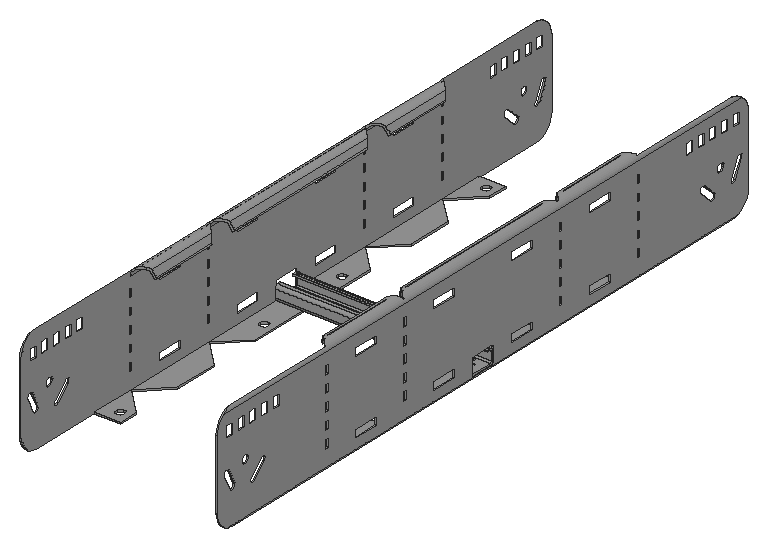
Revit family "Multifunktionsverbinder", category Generic Models, Revit 2017
Family settings
  Can host rebar = No
  Round Connector Dimension = Use Diameter
  Part Type = Normal
  Work Plane-Based = No
  Always vertical = Yes
  Cut with Voids When Loaded = No
  Shared = No
  Room Calculation Point = No
Parameters (values of type "LMFV 1120 FT")
  Width 1 = 200 mm
  Width = 1.5 mm
  URL = "http://www.obo-bettermann.com"
  Material = Hot-dip galvanised
  Manufacturer Art.No. = "6225770"
  Manufacturer = "Obo Bettermann"
  Length 1 = 340 mm
  Length = 680 mm
  GTIN = "4012196443390"
  Cut's number 2 = 5
  Cut's number = 2
  Article Type = "LMFV 1120 FT"
Reference planes
  plane 1 "Center (Front/Back)": y = 0
  plane 2: z = 7.018
  plane 3 "Center (Left/Right)": x = 0
  plane 4: y = 14.97
  plane 5: z = 22.002
  plane 6: x = 200
  plane 7: y = 14.987
  plane 8: z = 112.002
  plane 9: z = 107.502
  plane 10: x = 11.988
  plane 11: x = 6
  plane 12: through (-1.597, -1524, 150.455) normal (0.9397, 0, 0.342)
  plane 13: x = 100
  plane 14: z = 113.018
  plane 15: x = 188
  plane 16: through (200, -1524, 148.018) normal (0.9397, 0, -0.342)
  plane 17: z = 108.077
  plane 18: z = 107.506
  plane 19: x = 217.548
  plane 20: y = -232.013
  plane 21: y = -232.013
  plane 22: y = -185.013
  plane 23: y = -85.013
  plane 24: through (0, -85.013, 1207.018) normal (0.7071, 0.7071, 0)
  plane 25: through (201.5, -185.013, 1207.018) normal (-0.7071, -0.7071, 0)
  plane 26: through (183.873, -167.386, 1207.018) normal (-0.7071, -0.7071, 0)
  plane 27: y = -85.013
  plane 28: through (0, -85.013, 1207.018) normal (0.7071, 0.7071, 0)
  plane 29: through (0, -85.013, 1207.018) normal (-0.7071, 0.7071, 0)
  plane 30: y = -85.03
  plane 31: through (201.5, -85.03, 1207.018) normal (0.7071, -0.7071, 0)
  plane 32: through (201.5, -85.03, 1207.018) normal (-0.7071, -0.7071, 0)
  plane 33: y = -85
  plane 34: through (0, 115, 1207.018) normal (-0.7071, 0.7071, 0)
  plane 35: through (0, 115, 1207.018) normal (0.7071, 0.7071, 0)
  plane 36: through (200, -85, 1207.018) normal (-0.7071, -0.7071, 0)
  plane 37: through (183.873, -101.127, 1207.018) normal (-0.7071, 0.7071, 0)
  plane 38: through (200, 114.987, 1207.018) normal (-0.7071, -0.7071, 0)
  plane 39: through (200, 114.987, 1207.018) normal (0.7071, -0.7071, 0)
  plane 40: y = 215
  plane 41: through (0, 215, 1207.018) normal (0.7071, 0.7071, 0)
  plane 42: y = 354.987
  plane 43: through (200, 215, 1207.018) normal (0.7071, -0.7071, 0)
  plane 44: y = 261.987
  plane 45: through (0, -185.14, 1207.018) normal (-0.7071, 0.7071, 0)
  plane 46: through (0, -185.14, 1207.018) normal (0.7071, 0.7071, 0)
  plane 47: through (200.016, -185.038, 1207.018) normal (-0.7071, -0.7071, 0)
  plane 48: through (200.016, -185.038, 1207.018) normal (0.7071, -0.7071, 0)
  plane 49: through (0, -85.013, 1207.018) normal (-0.7071, 0.7071, 0)
  plane 50: through (26.105, -111.119, 1207.018) normal (-0.7071, -0.7071, 0)
  plane 51: through (200, -85, 1207.018) normal (0.7071, -0.7071, 0)
  plane 52: through (200, -85, 1207.018) normal (-0.7071, -0.7071, 0)
  plane 53: through (0, 215, 1207.018) normal (0.7071, 0.7071, 0)
  plane 54: through (0, 215, 1207.018) normal (-0.7071, 0.7071, 0)
  plane 55: through (200, 215, 1207.018) normal (0.7071, -0.7071, 0)
  plane 56: through (200, 215, 1207.018) normal (-0.7071, -0.7071, 0)
  plane 57: y = 339.987
  plane 58: z = 96.118
  plane 59: z = 101.077
  plane 60: y = -310.013
  plane 61: z = 95.657
  plane 62: y = -310.013
  plane 63: z = 95.657
  plane 64: y = -295.013
  plane 65: z = 95.657
  plane 66: y = -280.013
  plane 67: z = 95.657
  plane 68: y = -265.013
  plane 69: z = 95.657
  plane 70: y = -250.013
  plane 71: z = 98.768
  plane 72: z = 96.118
  plane 73: z = 98.768
  plane 74: z = 81.737
  plane 75: z = 96.077
  plane 76: z = 91.118
  plane 77: z = 96.118
  plane 78: y = -135
  plane 79: x = 183.018
  plane 80: y = 249.487
  plane 81: y = -219.513
  plane 82: y = -35.013
  plane 83: y = 64.987
  plane 84: x = 183.873
  plane 85: x = 183.018
  plane 86: z = 60.018
  plane 87: y = 319.487
  plane 88: z = 60.018
  plane 89: y = -289.513
  plane 90: y = -289.513
  plane 91: through (0, -289.513, 59.81) normal (0, -0.9397, -0.342)
  plane 92: through (0, -289.513, 59.81) normal (0, -0.342, -0.9397)
  plane 93: through (0, -275.105, 39.469) normal (0, -0.5, 0.866)
  plane 94: through (0, -263.818, 57.728) normal (0, -0.9397, 0.342)
  plane 95: through (0, -289.513, 59.81) normal (0, -0.766, 0.6428)
  plane 96: y = -289.513
  plane 97: through (0, -289.513, 59.81) normal (0, -0.766, 0.6428)
  plane 98: through (0, -309.234, 44.559) normal (0, -0.7071, -0.7071)
  plane 99: y = -314.513
  plane 100: y = 319.487
  plane 101: through (4267.2, 319.487, 59.81) normal (0, 0.9397, -0.342)
  plane 102: through (4267.2, 319.487, 59.81) normal (0, 0.342, -0.9397)
  plane 103: through (4267.2, 307.718, 37.697) normal (0, 0.342, 0.9397)
  plane 104: through (4267.2, 294.832, 54.871) normal (0, 0.9397, 0.342)
  plane 105: y = 319.487
  plane 106: z = 60.018
  plane 107: through (4267.2, 319.487, 59.81) normal (0, 0.766, 0.6428)
  plane 108: y = 344.487
  plane 109: through (4267.2, 337.335, 42.686) normal (0, 0.7071, -0.7071)
  plane 110: x = 17.23
  plane 111: y = -219.013
  plane 112: y = -35.013
  plane 113: x = 17.23
  plane 114: y = 64.987
  plane 115: x = 17.23
  plane 116: y = 249.987
  plane 117: x = 17.23
  plane 118: x = 11
  plane 119: x = 189
  plane 120 "72.9": x = 96.371
  plane 121: x = 106.371
  plane 122: x = 86.371
  plane 123: x = 66.371
  plane 124: x = 46.371
  plane 125: x = 126.371
  plane 126: x = 146.371
Forms (mm)
  Extrusion 1, solid, material "Hot-dip galvanised" <- "Material"
    sketch origin (-2.156, -325.03, 0) x (0, 1, 0) y (0, 0, 1)
      loop
        arc (328, 8.518) -> (326.939, 8.957) -> (326.5, 10.018) r 1.5
        line (326.5, 10.018) -> (326.5, 19.002)
        arc (326.5, 19.002) -> (326.939, 20.062) -> (328, 20.502) r 1.5
        line (328, 20.502) -> (331.515, 20.502) -> (331.515, 22.002) -> (328, 22.002)
        arc (328, 22.002) -> (325.879, 21.123) -> (325, 19.002) r 3
        line (325, 19.002) -> (325, 10.018)
        arc (325, 10.018) -> (325.879, 7.897) -> (328, 7.018) r 3
        line (328, 7.018) -> (352, 7.018)
        arc (352, 7.018) -> (354.121, 7.897) -> (355, 10.018) r 3
        line (355, 10.018) -> (355, 19.002)
        arc (355, 19.002) -> (354.121, 21.123) -> (352, 22.002) r 3
        line (352, 22.002) -> (348.509, 22.002) -> (348.509, 20.502) -> (352, 20.502)
        arc (352, 20.502) -> (353.061, 20.062) -> (353.5, 19.002) r 1.5
        line (353.5, 19.002) -> (353.5, 10.018)
        arc (353.5, 10.018) -> (353.061, 8.957) -> (352, 8.518) r 1.5
        line (352, 8.518) -> (328, 8.518)
    from 2.156 to 202.156
  Extrusion 2, solid, material "Hot-dip galvanised" <- "Material"
    sketch origin (0, 0, 0) x (1, 0, 0) y (0, 0, 1)
      loop
        line (27.23, 7.034) -> (0, 7.034) -> (0, 112.034)
        arc (0, 112.034) -> (4.426, 117.871) -> (11.241, 115.183) r 6.061
        line (11.241, 115.183) -> (14.022, 107.541) -> (15.288, 108.001) -> (14.876, 109.132) -> (12.389, 115.965)
        arc (12.389, 115.965) -> (3.949, 119.224) -> (-1.5, 112.002) r 7.51
        line (-1.5, 112.002) -> (-1.5, 7.018) -> (-1.5, 5.518) -> (27.23, 5.518) -> (27.23, 7.034)
    from -354.987 to 325.013
  Extrusion 3, solid, material "Hot-dip galvanised" <- "Material"
    sketch origin (0, 0, 0) x (1, 0, 0) y (0, 0, 1)
      loop
        line (200, 7.018) -> (173.018, 7.018) -> (173.018, 5.518) -> (200, 5.518) -> (201.5, 5.518) -> (201.5, 7.018) -> (201.5, 112.577)
        arc (201.5, 112.577) -> (196.474, 119.658) -> (188.132, 117.249) r 7.5
        line (188.132, 117.249) -> (183.873, 108.224) -> (185.23, 107.583) -> (189.41, 116.442)
        arc (189.41, 116.442) -> (196.057, 118.214) -> (200, 112.577) r 6
        line (200, 112.577) -> (200, 7.018)
    from -354.987 to 325.013
  Extrusion 4, void
    sketch origin (0, 0, 0) x (0, 1, 0) y (0, 0, 1)
      loop
        arc (0.987, 9.358) -> (1.458, 7.911) -> (2.692, 7.018) r 2.459
        line (2.692, 7.018) -> (27.005, 7.034)
        arc (27.005, 7.034) -> (28.419, 7.62) -> (29.005, 9.034) r 2
        line (29.005, 9.034) -> (29.005, 23.936)
        arc (29.005, 23.936) -> (28.419, 25.35) -> (27.005, 25.936) r 2
        line (27.005, 25.936) -> (2.987, 25.936)
        arc (2.987, 25.936) -> (1.573, 25.35) -> (0.987, 23.936) r 2
        line (0.987, 23.936) -> (0.987, 9.358)
    from -1.5 to 0
  Extrusion 5, void
    sketch origin (0, 0, 0) x (0, 1, 0) y (0, 0, 1)
      loop
        line (14.996, 25.936) -> (2.987, 25.936)
        arc (2.987, 25.936) -> (1.573, 25.35) -> (0.987, 23.936) r 2
        line (0.987, 23.936) -> (0.987, 9.018)
        arc (0.987, 9.018) -> (1.573, 7.604) -> (2.987, 7.018) r 2
        line (2.987, 7.018) -> (27.005, 7.018)
        arc (27.005, 7.018) -> (28.419, 7.604) -> (29.005, 9.018) r 2
        line (29.005, 9.018) -> (29.005, 23.936)
        arc (29.005, 23.936) -> (28.419, 25.35) -> (27.005, 25.936) r 2
        line (27.005, 25.936) -> (14.996, 25.936)
    from 200 to 201.5
  Extrusion 6, void
    sketch origin (0, 0, 7.018) x (1, 0, 0) y (0, 1, 0)
      loop
        line (27.23, -325.013) -> (27.23, -232.013) -> (0, -232.013) -> (0, -325.013) -> (27.23, -325.013)
    from -1.5 to 0.016
  Extrusion 7, void
    sketch origin (0, 0, 7.018) x (1, 0, 0) y (0, 1, 0)
      loop
        line (200, -325.013) -> (200, -232.013) -> (173.018, -232.013) -> (173.018, -325.013) -> (200, -325.013)
    from -1.5 to 0
  Extrusion 8, void
    sketch origin (0, 0, 7.018) x (1, 0, 0) y (0, 1, 0)
      loop
        line (15.288, -325.013) -> (15.288, -169.852) -> (0, -185.14) -> (0, -325.013) -> (15.288, -325.013)
    from 100.523 to 114.267
  Extrusion 9, void
    sketch origin (0, 0, 7.018) x (1, 0, 0) y (0, 1, 0)
      loop
        line (183.873, -325.013) -> (200, -325.013) -> (200, -185.022) -> (183.873, -168.895) -> (183.873, -325.013)
    from 100.565 to 114.162
  Extrusion 10, void
    sketch origin (0, 0, 7.018) x (1, 0, 0) y (0, 1, 0)
      loop
        line (0, -85.013) -> (15.288, -100.301) -> (15.288, -69.725) -> (0, -85.013)
    from 100.523 to 114.267
  Extrusion 11, void
    sketch origin (0, 0, 7.018) x (1, 0, 0) y (0, 1, 0)
      loop
        line (200, -85) -> (183.873, -68.873) -> (183.873, -101.127) -> (200, -85)
    from 100.565 to 114.162
  Extrusion 12, void
    sketch origin (0, 0, 7.018) x (1, 0, 0) y (0, 1, 0)
      loop
        line (15.288, 130.288) -> (0, 115) -> (15.288, 99.712) -> (15.288, 130.288)
    from 100.523 to 113.23
  Extrusion 13, void
    sketch origin (0, 0, 7.018) x (1, 0, 0) y (0, 1, 0)
      loop
        line (183.873, 131.114) -> (183.873, 98.86) -> (200, 114.987) -> (183.873, 131.114)
    from 99.913 to 113.236
  Extrusion 14, void
    sketch origin (0, 0, 7.018) x (1, 0, 0) y (0, 1, 0)
      loop
        line (0, 215) -> (15.288, 199.712) -> (15.288, 354.987) -> (0, 354.987) -> (0, 215)
    from 98.921 to 114.645
  Extrusion 15, void
    sketch origin (0, 0, 7.018) x (1, 0, 0) y (0, 1, 0)
      loop
        line (200, 215) -> (200, 354.987) -> (183.873, 354.987) -> (183.873, 198.873) -> (200, 215)
    from 97.047 to 116.428
  Extrusion 16, void
    sketch origin (0, 0, 7.018) x (1, 0, 0) y (0, 1, 0)
      loop
        line (27.23, 354.987) -> (0, 354.987) -> (0, 261.987) -> (27.23, 261.987) -> (27.23, 354.987)
    from -1.5 to 0.016
  Extrusion 17, void
    sketch origin (0, 0, 7.018) x (1, 0, 0) y (0, 1, 0)
      loop
        line (200, 354.987) -> (173.018, 354.987) -> (173.018, 261.987) -> (200, 261.987) -> (200, 354.987)
    from -1.5 to 0
  Extrusion 18, void
    sketch origin (0, 0, 7.018) x (1, 0, 0) y (0, 1, 0)
      loop
        line (0, -185.14) -> (27.23, -212.37) -> (27.23, -157.91) -> (0, -185.14)
    from -1.5 to 0.016
  Extrusion 19, void
    sketch origin (0, 0, 7.018) x (1, 0, 0) y (0, 1, 0)
      loop
        line (200.016, -185.038) -> (173.018, -158.04) -> (173.018, -212.036) -> (200.016, -185.038)
    from -1.5 to 0
  Extrusion 20, void
    sketch origin (0, 0, 7.018) x (1, 0, 0) y (0, 1, 0)
      loop
        line (27.23, -57.783) -> (0, -85.013) -> (27.23, -112.243) -> (27.23, -57.783)
    from -1.5 to 0.016
  Extrusion 21, void
    sketch origin (0, 0, 7.018) x (1, 0, 0) y (0, 1, 0)
      loop
        line (200, -85) -> (173.018, -58.018) -> (173.018, -111.982) -> (200, -85)
    from -1.5 to 0
  Extrusion 22, void
    sketch origin (0, 0, 7.018) x (1, 0, 0) y (0, 1, 0)
      loop
        line (0, 115) -> (27.23, 87.77) -> (27.23, 142.23) -> (0, 115)
    from -1.5 to 0
  Extrusion 23, void
    sketch origin (0, 0, 7.018) x (1, 0, 0) y (0, 1, 0)
      loop
        line (200, 114.987) -> (173.018, 141.969) -> (173.018, 88.005) -> (200, 114.987)
    from -1.5 to 0
  Extrusion 24, void
    sketch origin (0, 0, 7.018) x (1, 0, 0) y (0, 1, 0)
      loop
        line (0, 215) -> (27.23, 187.77) -> (27.23, 242.23) -> (0, 215)
    from -1.5 to 0.016
  Extrusion 25, void
    sketch origin (0, 0, 7.018) x (1, 0, 0) y (0, 1, 0)
      loop
        line (200, 215) -> (173.018, 241.982) -> (173.018, 188.018) -> (200, 215)
    from -1.5 to 0
  Extrusion 26, void
    sketch origin (0, 0, 0) x (0, 1, 0) y (0, 0, 1)
      loop
        line (-305.013, 117.077) -> (-325.013, 117.077) -> (-325.013, 97.077)
        arc (-325.013, 97.077) -> (-319.155, 111.22) -> (-305.013, 117.077) r 20
    from 196.952 to 204.894
  Extrusion 27, void
    sketch origin (0, 0, 0) x (0, 1, 0) y (0, 0, 1)
      loop
        line (-325.013, 25.518) -> (-325.013, 5.518) -> (-305.013, 5.518)
        arc (-305.013, 5.518) -> (-319.155, 11.376) -> (-325.013, 25.518) r 20
    from 200 to 201.5
  Extrusion 28, void
    sketch origin (0, 0, 0) x (0, 1, 0) y (0, 0, 1)
      loop
        arc (334.987, 117.077) -> (349.129, 111.22) -> (354.987, 97.077) r 20
        line (354.987, 97.077) -> (354.987, 117.077) -> (334.987, 117.077)
    from 182.339 to 204.894
  Extrusion 29, void
    sketch origin (0, 0, 0) x (0, 1, 0) y (0, 0, 1)
      loop
        line (334.987, 5.518) -> (354.987, 5.518) -> (354.987, 25.518)
        arc (354.987, 25.518) -> (349.129, 11.376) -> (334.987, 5.518) r 20
    from 196.952 to 204.894
  Extrusion 30, void
    sketch origin (0, 0, 0) x (0, 1, 0) y (0, 0, 1)
      loop
        line (354.987, 96.505) -> (354.987, 116.505) -> (334.987, 116.505)
        arc (334.987, 116.505) -> (349.129, 110.647) -> (354.987, 96.505) r 20
    from -1.5 to 2.422
  Extrusion 31, void
    sketch origin (0, 0, 0) x (0, 1, 0) y (0, 0, 1)
      loop
        line (334.987, 5.518) -> (354.987, 5.518) -> (354.987, 25.518)
        arc (354.987, 25.518) -> (349.129, 11.376) -> (334.987, 5.518) r 20
    from -1.5 to 0
  Extrusion 32, void
    sketch origin (0, 0, 0) x (0, 1, 0) y (0, 0, 1)
      loop
        line (-305.013, 116.505) -> (-325.013, 116.505) -> (-325.013, 96.505)
        arc (-325.013, 96.505) -> (-319.155, 110.647) -> (-305.013, 116.505) r 20
    from -4.098 to 15.288
  Extrusion 33, void
    sketch origin (0, 0, 0) x (0, 1, 0) y (0, 0, 1)
      loop
        line (-325.013, 25.518) -> (-325.013, 5.518) -> (-305.013, 5.518)
        arc (-305.013, 5.518) -> (-319.155, 11.376) -> (-325.013, 25.518) r 20
    from -1.5 to 0
  Extrusion 34, void, not visible
    sketch origin (0, 0, 0) x (0, 1, 0) y (0, 0, 1)
      loop
        line (-314.513, 107.077) -> (-314.513, 95.077) -> (-305.513, 95.077) -> (-305.513, 107.077) -> (-314.513, 107.077)
    from 182.339 to 204.894
  Extrusion 35, void
    sketch origin (0, 0, -5.42) x (0, 1, 0) y (0, 0, 1)
      loop
        line (-314.513, 107.077) -> (-314.513, 95.077) -> (-305.513, 95.077) -> (-305.513, 107.077) -> (-314.513, 107.077)
    from 182.339 to 204.894
  Extrusion 36, void
    sketch origin (0, 15, -5.42) x (0, 1, 0) y (0, 0, 1)
      loop
        line (-314.513, 107.077) -> (-314.513, 95.077) -> (-305.513, 95.077) -> (-305.513, 107.077) -> (-314.513, 107.077)
    from 182.339 to 204.894
  Extrusion 37, void
    sketch origin (0, 30, -5.42) x (0, 1, 0) y (0, 0, 1)
      loop
        line (-314.513, 107.077) -> (-314.513, 95.077) -> (-305.513, 95.077) -> (-305.513, 107.077) -> (-314.513, 107.077)
    from 182.339 to 204.894
  Extrusion 38, void
    sketch origin (0, 45, -5.42) x (0, 1, 0) y (0, 0, 1)
      loop
        line (-314.513, 107.077) -> (-314.513, 95.077) -> (-305.513, 95.077) -> (-305.513, 107.077) -> (-314.513, 107.077)
    from 182.339 to 204.894
  Extrusion 39, void
    sketch origin (0, 60, -5.42) x (0, 1, 0) y (0, 0, 1)
      loop
        line (-314.513, 107.077) -> (-314.513, 95.077) -> (-305.513, 95.077) -> (-305.513, 107.077) -> (-314.513, 107.077)
    from 182.339 to 204.894
  Extrusion 40, void, not visible
    sketch origin (0, -446.97, 0) x (0, 1, 0) y (0, 0, 1)
      loop
        line (259.987, 103.268) -> (259.987, 94.268) -> (263.987, 94.268) -> (263.987, 103.268) -> (259.987, 103.268)
    from 200 to 201.5
  Extrusion 41, void
    sketch origin (0, 0, 0) x (0, 1, 0) y (0, 0, 1)
      loop
        line (-187.013, 100.618) -> (-187.013, 91.618) -> (-183.013, 91.618) -> (-183.013, 100.618) -> (-187.013, 100.618)
    from 196.715 to 204.608
  Extrusion 42, void
    sketch origin (0, 0, -17.007) x (0, 1, 0) y (0, 0, 1)
      loop
        line (-187.013, 100.618) -> (-187.013, 91.618) -> (-183.013, 91.618) -> (-183.013, 100.618) -> (-187.013, 100.618)
    from 200 to 201.5
  Extrusion 43, void
    sketch origin (0, 0, -34.023) x (0, 1, 0) y (0, 0, 1)
      loop
        line (-187.013, 100.618) -> (-187.013, 91.618) -> (-183.013, 91.618) -> (-183.013, 100.618) -> (-187.013, 100.618)
    from 200 to 201.5
  Extrusion 44, void
    sketch origin (0, 0, -50.973) x (0, 1, 0) y (0, 0, 1)
      loop
        line (-187.013, 100.618) -> (-187.013, 91.618) -> (-183.013, 91.618) -> (-183.013, 100.618) -> (-187.013, 100.618)
    from 200 to 201.5
  Extrusion 45, void
    sketch origin (0, 0, -68.01) x (0, 1, 0) y (0, 0, 1)
      loop
        line (-187.013, 100.618) -> (-187.013, 91.618) -> (-183.013, 91.618) -> (-183.013, 100.618) -> (-187.013, 100.618)
    from 200 to 201.5
  Extrusion 46, void, not visible
    sketch origin (0, -346.97, 0) x (0, 1, 0) y (0, 0, 1)
      loop
        line (259.987, 103.268) -> (259.987, 94.268) -> (263.987, 94.268) -> (263.987, 103.268) -> (259.987, 103.268)
    from 200 to 201.5
  Extrusion 47, void, not visible
    sketch origin (0, -346.97, -17.031) x (0, 1, 0) y (0, 0, 1)
      loop
        line (259.987, 103.268) -> (259.987, 94.268) -> (263.987, 94.268) -> (263.987, 103.268) -> (259.987, 103.268)
    from 200 to 201.5
  Extrusion 48, void
    sketch origin (0, 100, 0) x (0, 1, 0) y (0, 0, 1)
      loop
        line (-187.013, 100.618) -> (-187.013, 91.618) -> (-183.013, 91.618) -> (-183.013, 100.618) -> (-187.013, 100.618)
    from 196.715 to 204.608
  Extrusion 49, void
    sketch origin (0, 100, -17.023) x (0, 1, 0) y (0, 0, 1)
      loop
        line (-187.013, 100.618) -> (-187.013, 91.618) -> (-183.013, 91.618) -> (-183.013, 100.618) -> (-187.013, 100.618)
    from 200 to 201.5
  Extrusion 50, void
    sketch origin (0, 100, -34.045) x (0, 1, 0) y (0, 0, 1)
      loop
        line (-187.013, 100.618) -> (-187.013, 91.618) -> (-183.013, 91.618) -> (-183.013, 100.618) -> (-187.013, 100.618)
    from 200 to 201.5
  Extrusion 51, void
    sketch origin (0, 100, -51.068) x (0, 1, 0) y (0, 0, 1)
      loop
        line (-187.013, 100.618) -> (-187.013, 91.618) -> (-183.013, 91.618) -> (-183.013, 100.618) -> (-187.013, 100.618)
    from 200 to 201.5
  Extrusion 52, void
    sketch origin (0, 100, -68.091) x (0, 1, 0) y (0, 0, 1)
      loop
        line (-187.013, 100.618) -> (-187.013, 91.618) -> (-183.013, 91.618) -> (-183.013, 100.618) -> (-187.013, 100.618)
    from 200 to 201.5
  Extrusion 53, void
    sketch origin (0, 300, 0) x (0, 1, 0) y (0, 0, 1)
      loop
        line (-187.013, 100.618) -> (-187.013, 91.618) -> (-183.013, 91.618) -> (-183.013, 100.618) -> (-187.013, 100.618)
    from 196.715 to 204.608
  Extrusion 54, void
    sketch origin (0, 300, -17.015) x (0, 1, 0) y (0, 0, 1)
      loop
        line (-187.013, 100.618) -> (-187.013, 91.618) -> (-183.013, 91.618) -> (-183.013, 100.618) -> (-187.013, 100.618)
    from 200 to 201.5
  Extrusion 55, void
    sketch origin (0, 300, -34.029) x (0, 1, 0) y (0, 0, 1)
      loop
        line (-187.013, 100.618) -> (-187.013, 91.618) -> (-183.013, 91.618) -> (-183.013, 100.618) -> (-187.013, 100.618)
    from 200 to 201.5
  Extrusion 56, void
    sketch origin (0, 300, -51.044) x (0, 1, 0) y (0, 0, 1)
      loop
        line (-187.013, 100.618) -> (-187.013, 91.618) -> (-183.013, 91.618) -> (-183.013, 100.618) -> (-187.013, 100.618)
    from 200 to 201.5
  Extrusion 57, void
    sketch origin (0, 300, -68.058) x (0, 1, 0) y (0, 0, 1)
      loop
        line (-187.013, 100.618) -> (-187.013, 91.618) -> (-183.013, 91.618) -> (-183.013, 100.618) -> (-187.013, 100.618)
    from 200 to 201.5
  Extrusion 58, void
    sketch origin (0, 400, 0) x (0, 1, 0) y (0, 0, 1)
      loop
        line (-187.013, 100.618) -> (-187.013, 91.618) -> (-183.013, 91.618) -> (-183.013, 100.618) -> (-187.013, 100.618)
    from 196.715 to 204.608
  Extrusion 59, void
    sketch origin (0, 400, -17.003) x (0, 1, 0) y (0, 0, 1)
      loop
        line (-187.013, 100.618) -> (-187.013, 91.618) -> (-183.013, 91.618) -> (-183.013, 100.618) -> (-187.013, 100.618)
    from 200 to 201.5
  Extrusion 60, void
    sketch origin (0, 400, -34.006) x (0, 1, 0) y (0, 0, 1)
      loop
        line (-187.013, 100.618) -> (-187.013, 91.618) -> (-183.013, 91.618) -> (-183.013, 100.618) -> (-187.013, 100.618)
    from 200 to 201.5
  Extrusion 61, void
    sketch origin (0, 400, -51.009) x (0, 1, 0) y (0, 0, 1)
      loop
        line (-187.013, 100.618) -> (-187.013, 91.618) -> (-183.013, 91.618) -> (-183.013, 100.618) -> (-187.013, 100.618)
    from 200 to 201.5
  Extrusion 62, void
    sketch origin (0, 400, -68.011) x (0, 1, 0) y (0, 0, 1)
      loop
        line (-187.013, 100.618) -> (-187.013, 91.618) -> (-183.013, 91.618) -> (-183.013, 100.618) -> (-187.013, 100.618)
    from 200 to 201.5
  Extrusion 63, void, not visible
    sketch origin (0, -45, 0) x (0, 1, 0) y (0, 0, 1)
      loop
        line (335.553, 107.077) -> (335.553, 95.077) -> (344.553, 95.077) -> (344.553, 107.077) -> (335.553, 107.077)
    from 182.339 to 204.894
  Extrusion 64, void, not visible
    sketch origin (0, -30, 0) x (0, 1, 0) y (0, 0, 1)
      loop
        line (335.553, 107.077) -> (335.553, 95.077) -> (344.553, 95.077) -> (344.553, 107.077) -> (335.553, 107.077)
    from 182.339 to 204.894
  Extrusion 65, void, not visible
    sketch origin (0, -15, 0) x (0, 1, 0) y (0, 0, 1)
      loop
        line (335.553, 107.077) -> (335.553, 95.077) -> (344.553, 95.077) -> (344.553, 107.077) -> (335.553, 107.077)
    from 182.339 to 204.894
  Extrusion 66, void
    sketch origin (0, 0, -5) x (0, 1, 0) y (0, 0, 1)
      loop
        line (335.553, 107.077) -> (335.553, 95.077) -> (344.553, 95.077) -> (344.553, 107.077) -> (335.553, 107.077)
    from 182.339 to 204.894
  Extrusion 67, void
    sketch origin (0, -15, -5) x (0, 1, 0) y (0, 0, 1)
      loop
        line (335.553, 107.077) -> (335.553, 95.077) -> (344.553, 95.077) -> (344.553, 107.077) -> (335.553, 107.077)
    from 182.339 to 204.894
  Extrusion 68, void
    sketch origin (0, -30, -5) x (0, 1, 0) y (0, 0, 1)
      loop
        line (335.553, 107.077) -> (335.553, 95.077) -> (344.553, 95.077) -> (344.553, 107.077) -> (335.553, 107.077)
    from 182.339 to 204.894
  Extrusion 69, void
    sketch origin (0, -45, -5) x (0, 1, 0) y (0, 0, 1)
      loop
        line (335.553, 107.077) -> (335.553, 95.077) -> (344.553, 95.077) -> (344.553, 107.077) -> (335.553, 107.077)
    from 182.339 to 204.894
  Extrusion 70, void
    sketch origin (0, -60, -5) x (0, 1, 0) y (0, 0, 1)
      loop
        line (335.553, 107.077) -> (335.553, 95.077) -> (344.553, 95.077) -> (344.553, 107.077) -> (335.553, 107.077)
    from 182.339 to 204.894
  Extrusion 71, void
    sketch origin (0, 0, 0) x (0, 1, 0) y (0, 0, 1)
      loop
        line (-149, 100.618) -> (-149, 91.618) -> (-121, 91.618) -> (-121, 100.618) -> (-149, 100.618)
    from 200 to 201.5
  Extrusion 72, void
    sketch origin (0, 100, 0) x (0, 1, 0) y (0, 0, 1)
      loop
        line (-149, 100.618) -> (-149, 91.618) -> (-121, 91.618) -> (-121, 100.618) -> (-149, 100.618)
    from 200 to 201.5
  Extrusion 73, void
    sketch origin (0, 200, 0) x (0, 1, 0) y (0, 0, 1)
      loop
        line (-149, 100.618) -> (-149, 91.618) -> (-121, 91.618) -> (-121, 100.618) -> (-149, 100.618)
    from 200 to 201.5
  Extrusion 74, void
    sketch origin (0, 300, 0) x (0, 1, 0) y (0, 0, 1)
      loop
        line (-149, 100.618) -> (-149, 91.618) -> (-121, 91.618) -> (-121, 100.618) -> (-149, 100.618)
    from 200 to 201.5
  Extrusion 75, void
    sketch origin (0, 0, -75) x (0, 1, 0) y (0, 0, 1)
      loop
        line (-149, 100.618) -> (-149, 91.618) -> (-121, 91.618) -> (-121, 100.618) -> (-149, 100.618)
    from 200 to 201.5
  Extrusion 76, void
    sketch origin (0, 100, -75) x (0, 1, 0) y (0, 0, 1)
      loop
        line (-149, 100.618) -> (-149, 91.618) -> (-121, 91.618) -> (-121, 100.618) -> (-149, 100.618)
    from 200 to 201.5
  Extrusion 77, void
    sketch origin (0, 200, -75) x (0, 1, 0) y (0, 0, 1)
      loop
        line (-149, 100.618) -> (-149, 91.618) -> (-121, 91.618) -> (-121, 100.618) -> (-149, 100.618)
    from 200 to 201.5
  Extrusion 78, void
    sketch origin (0, 300, -75) x (0, 1, 0) y (0, 0, 1)
      loop
        line (-149, 100.618) -> (-149, 91.618) -> (-121, 91.618) -> (-121, 100.618) -> (-149, 100.618)
    from 200 to 201.5
  Extrusion 79, void
    sketch origin (0, 0, 7.018) x (1, 0, 0) y (0, 1, 0)
      loop
        circle (183.018, -219.513) r 4.5
    from -1.5 to 1.5
  Extrusion 80, void
    sketch origin (0, 470, 7.018) x (1, 0, 0) y (0, 1, 0)
      loop
        circle (183.018, -220.366) r 4.5
    from -1.5 to 1.5
  Extrusion 81, void
    sketch origin (0, 0, 7.018) x (1, 0, 0) y (0, 1, 0)
      loop
        circle (183.018, -35.013) r 4.5
    from -1.5 to 1.5
  Extrusion 82, void
    sketch origin (0, 100, 7.018) x (1, 0, 0) y (0, 1, 0)
      loop
        circle (183.018, -35.013) r 4.5
    from -1.5 to 1.5
  Extrusion 83, void
    sketch origin (0, 0, 0) x (0, 1, 0) y (0, 0, 1)
      loop
        circle (319.487, 60.018) r 4.5
    from 200 to 201.5
  Extrusion 84, void
    sketch origin (0, 0, 0) x (0, 1, 0) y (0, 0, 1)
      loop
        circle (-289.513, 60.018) r 4.5
    from 200 to 201.5
  Extrusion 85, void
    sketch origin (0, 0, 0) x (0, 1, 0) y (0, 0, 1)
      loop
        line (344.553, 102.077) -> (335.553, 102.077) -> (335.553, 90.077) -> (344.553, 90.077) -> (344.553, 102.077)
    from -4.098 to 15.288
  Extrusion 86, void
    sketch origin (0, -15, 0) x (0, 1, 0) y (0, 0, 1)
      loop
        line (344.553, 102.077) -> (335.553, 102.077) -> (335.553, 90.077) -> (344.553, 90.077) -> (344.553, 102.077)
    from -4.098 to 15.288
  Extrusion 87, void
    sketch origin (0, -30, 0) x (0, 1, 0) y (0, 0, 1)
      loop
        line (344.553, 102.077) -> (335.553, 102.077) -> (335.553, 90.077) -> (344.553, 90.077) -> (344.553, 102.077)
    from -4.098 to 15.288
  Extrusion 88, void
    sketch origin (0, -45, 0) x (0, 1, 0) y (0, 0, 1)
      loop
        line (344.553, 102.077) -> (335.553, 102.077) -> (335.553, 90.077) -> (344.553, 90.077) -> (344.553, 102.077)
    from -4.098 to 15.288
  Extrusion 89, void
    sketch origin (0, -60, 0) x (0, 1, 0) y (0, 0, 1)
      loop
        line (344.553, 102.077) -> (335.553, 102.077) -> (335.553, 90.077) -> (344.553, 90.077) -> (344.553, 102.077)
    from -4.098 to 15.288
  Extrusion 90, void
    sketch origin (0, 0, 0) x (0, 1, 0) y (0, 0, 1)
      loop
        circle (319.487, 60.018) r 4.5
    from -1.5 to 0
  Extrusion 91, void
    sketch origin (0, 0, 0) x (0, 1, 0) y (0, 0, 1)
      loop
        line (216.987, 100.618) -> (212.987, 100.618) -> (212.987, 91.618) -> (216.987, 91.618) -> (216.987, 100.618)
    from -1.5 to 0
  Extrusion 92, void
    sketch origin (0, 0, -17.002) x (0, 1, 0) y (0, 0, 1)
      loop
        line (216.987, 100.618) -> (212.987, 100.618) -> (212.987, 91.618) -> (216.987, 91.618) -> (216.987, 100.618)
    from -1.5 to 0
  Extrusion 93, void
    sketch origin (0, 0, -34.007) x (0, 1, 0) y (0, 0, 1)
      loop
        line (216.987, 100.618) -> (212.987, 100.618) -> (212.987, 91.618) -> (216.987, 91.618) -> (216.987, 100.618)
    from -1.5 to 0
  Extrusion 94, void
    sketch origin (0, 0, -50.967) x (0, 1, 0) y (0, 0, 1)
      loop
        line (216.987, 100.618) -> (212.987, 100.618) -> (212.987, 91.618) -> (216.987, 91.618) -> (216.987, 100.618)
    from -1.5 to 0
  Extrusion 95, void
    sketch origin (0, 0, -67.973) x (0, 1, 0) y (0, 0, 1)
      loop
        line (216.987, 100.618) -> (212.987, 100.618) -> (212.987, 91.618) -> (216.987, 91.618) -> (216.987, 100.618)
    from -1.5 to 0
  Extrusion 96, void
    sketch origin (0, 0, 0) x (0, 1, 0) y (0, 0, 1)
      loop
        line (179, 100.618) -> (151, 100.618) -> (151, 91.618) -> (179, 91.618) -> (179, 100.618)
    from -1.5 to 0
  Extrusion 97, void
    sketch origin (0, 300, -75) x (0, 1, 0) y (0, 0, 1)
      loop
        line (-149, 100.618) -> (-149, 91.618) -> (-121, 91.618) -> (-121, 100.618) -> (-149, 100.618)
    from 200 to 201.5
  Extrusion 98, void
    sketch origin (0, 200, 0) x (0, 1, 0) y (0, 0, 1)
      loop
        line (-149, 100.618) -> (-149, 91.618) -> (-121, 91.618) -> (-121, 100.618) -> (-149, 100.618)
    from 200 to 201.5
  Extrusion 99, void
    sketch origin (0, 0, 0) x (0, 1, 0) y (0, 0, 1)
      loop
        line (-305.513, 101.657) -> (-314.513, 101.657) -> (-314.513, 89.657) -> (-305.513, 89.657) -> (-305.513, 101.657)
    from -1.5 to 0
  Extrusion 100, void
    sketch origin (0, 15, 0) x (0, 1, 0) y (0, 0, 1)
      loop
        line (-305.513, 101.657) -> (-314.513, 101.657) -> (-314.513, 89.657) -> (-305.513, 89.657) -> (-305.513, 101.657)
    from -1.5 to 0
  Extrusion 101, void
    sketch origin (0, 30, 0) x (0, 1, 0) y (0, 0, 1)
      loop
        line (-305.513, 101.657) -> (-314.513, 101.657) -> (-314.513, 89.657) -> (-305.513, 89.657) -> (-305.513, 101.657)
    from -1.5 to 0
  Extrusion 102, void
    sketch origin (0, 45, 0) x (0, 1, 0) y (0, 0, 1)
      loop
        line (-305.513, 101.657) -> (-314.513, 101.657) -> (-314.513, 89.657) -> (-305.513, 89.657) -> (-305.513, 101.657)
    from -1.5 to 0
  Extrusion 103, void
    sketch origin (0, 60, 0) x (0, 1, 0) y (0, 0, 1)
      loop
        line (-305.513, 101.657) -> (-314.513, 101.657) -> (-314.513, 89.657) -> (-305.513, 89.657) -> (-305.513, 101.657)
    from -1.5 to 0
  Extrusion 104, void
    sketch origin (0, 0, 0) x (0, 1, 0) y (0, 0, 1)
      loop
        circle (-289.513, 60.018) r 4.5
    from -1.5 to 0
  Extrusion 105, void
    sketch origin (0, -100, 0) x (0, 1, 0) y (0, 0, 1)
      loop
        line (179, 100.618) -> (151, 100.618) -> (151, 91.618) -> (179, 91.618) -> (179, 100.618)
    from -1.5 to 0
  Extrusion 106, void
    sketch origin (0, -200, 0) x (0, 1, 0) y (0, 0, 1)
      loop
        line (179, 100.618) -> (151, 100.618) -> (151, 91.618) -> (179, 91.618) -> (179, 100.618)
    from -1.5 to 0
  Extrusion 107, void
    sketch origin (0, 0, -75) x (0, 1, 0) y (0, 0, 1)
      loop
        line (179, 100.618) -> (151, 100.618) -> (151, 91.618) -> (179, 91.618) -> (179, 100.618)
    from -1.5 to 0
  Extrusion 108, void
    sketch origin (0, -100, -75) x (0, 1, 0) y (0, 0, 1)
      loop
        line (179, 100.618) -> (151, 100.618) -> (151, 91.618) -> (179, 91.618) -> (179, 100.618)
    from -1.5 to 0
  Extrusion 109, void
    sketch origin (0, -200, -75) x (0, 1, 0) y (0, 0, 1)
      loop
        line (179, 100.618) -> (151, 100.618) -> (151, 91.618) -> (179, 91.618) -> (179, 100.618)
    from -1.5 to 0
  Extrusion 110, void
    sketch origin (0, -300, -75) x (0, 1, 0) y (0, 0, 1)
      loop
        line (179, 100.618) -> (151, 100.618) -> (151, 91.618) -> (179, 91.618) -> (179, 100.618)
    from -1.5 to 0
  Extrusion 111, void
    sketch origin (0, -300, 0) x (0, 1, 0) y (0, 0, 1)
      loop
        line (179, 100.618) -> (151, 100.618) -> (151, 91.618) -> (179, 91.618) -> (179, 100.618)
    from -1.5 to 0
  Extrusion 112, void
    sketch origin (0, 0, 0) x (0, 1, 0) y (0, 0, 1)
      loop
        line (116.987, 100.618) -> (112.987, 100.618) -> (112.987, 91.618) -> (116.987, 91.618) -> (116.987, 100.618)
    from -1.5 to 0
  Extrusion 113, void
    sketch origin (0, 0, -17.031) x (0, 1, 0) y (0, 0, 1)
      loop
        line (116.987, 100.618) -> (112.987, 100.618) -> (112.987, 91.618) -> (116.987, 91.618) -> (116.987, 100.618)
    from -1.5 to 0
  Extrusion 114, void
    sketch origin (0, 0, -34.063) x (0, 1, 0) y (0, 0, 1)
      loop
        line (116.987, 100.618) -> (112.987, 100.618) -> (112.987, 91.618) -> (116.987, 91.618) -> (116.987, 100.618)
    from -1.5 to 0
  Extrusion 115, void
    sketch origin (0, 0, -51.094) x (0, 1, 0) y (0, 0, 1)
      loop
        line (116.987, 100.618) -> (112.987, 100.618) -> (112.987, 91.618) -> (116.987, 91.618) -> (116.987, 100.618)
    from -1.5 to 0
  Extrusion 116, void
    sketch origin (0, 0, -68.125) x (0, 1, 0) y (0, 0, 1)
      loop
        line (116.987, 100.618) -> (112.987, 100.618) -> (112.987, 91.618) -> (116.987, 91.618) -> (116.987, 100.618)
    from -1.5 to 0
  Extrusion 117, void
    sketch origin (0, 0, 0) x (0, 1, 0) y (0, 0, 1)
      loop
        line (-83.013, 100.618) -> (-87.013, 100.618) -> (-87.013, 91.618) -> (-83.013, 91.618) -> (-83.013, 100.618)
    from -1.5 to 0
  Extrusion 118, void
    sketch origin (0, 0, -16.968) x (0, 1, 0) y (0, 0, 1)
      loop
        line (-83.013, 100.618) -> (-87.013, 100.618) -> (-87.013, 91.618) -> (-83.013, 91.618) -> (-83.013, 100.618)
    from -1.5 to 0
  Extrusion 119, void
    sketch origin (0, 0, -33.935) x (0, 1, 0) y (0, 0, 1)
      loop
        line (-83.013, 100.618) -> (-87.013, 100.618) -> (-87.013, 91.618) -> (-83.013, 91.618) -> (-83.013, 100.618)
    from -1.5 to 0
  Extrusion 120, void
    sketch origin (0, 0, -50.903) x (0, 1, 0) y (0, 0, 1)
      loop
        line (-83.013, 100.618) -> (-87.013, 100.618) -> (-87.013, 91.618) -> (-83.013, 91.618) -> (-83.013, 100.618)
    from -1.5 to 0
  Extrusion 121, void
    sketch origin (0, 0, -67.87) x (0, 1, 0) y (0, 0, 1)
      loop
        line (-83.013, 100.618) -> (-87.013, 100.618) -> (-87.013, 91.618) -> (-83.013, 91.618) -> (-83.013, 100.618)
    from -1.5 to 0
  Extrusion 122, void
    sketch origin (0, 0, 0) x (0, 1, 0) y (0, 0, 1)
      loop
        line (-183.013, 100.618) -> (-187.013, 100.618) -> (-187.013, 91.618) -> (-183.013, 91.618) -> (-183.013, 100.618)
    from -1.5 to 0
  Extrusion 123, void
    sketch origin (0, 0, -16.992) x (0, 1, 0) y (0, 0, 1)
      loop
        line (-183.013, 100.618) -> (-187.013, 100.618) -> (-187.013, 91.618) -> (-183.013, 91.618) -> (-183.013, 100.618)
    from -1.5 to 0
  Extrusion 124, void
    sketch origin (0, 0, -33.984) x (0, 1, 0) y (0, 0, 1)
      loop
        line (-183.013, 100.618) -> (-187.013, 100.618) -> (-187.013, 91.618) -> (-183.013, 91.618) -> (-183.013, 100.618)
    from -1.5 to 0
  Extrusion 125, void
    sketch origin (0, 0, -50.975) x (0, 1, 0) y (0, 0, 1)
      loop
        line (-183.013, 100.618) -> (-187.013, 100.618) -> (-187.013, 91.618) -> (-183.013, 91.618) -> (-183.013, 100.618)
    from -1.5 to 0
  Extrusion 126, void
    sketch origin (0, 0, -67.967) x (0, 1, 0) y (0, 0, 1)
      loop
        line (-183.013, 100.618) -> (-187.013, 100.618) -> (-187.013, 91.618) -> (-183.013, 91.618) -> (-183.013, 100.618)
    from -1.5 to 0
  Extrusion 127, void
    sketch origin (0, 0, 0) x (0, 1, 0) y (0, 0, 1)
      loop
        arc (-264.286, 48.055) -> (-264.912, 52.808) -> (-269.701, 52.599) r 3.548
        line (-269.701, 52.599) -> (-282.302, 39.998)
        arc (-282.302, 39.998) -> (-282.302, 35.019) -> (-277.323, 35.019) r 3.521
        line (-277.323, 35.019) -> (-264.286, 48.055)
    from -1.5 to 0
  Extrusion 128, void
    sketch origin (0, 0, 0) x (0, 1, 0) y (0, 0, 1)
      loop
        line (-303.408, 43.563) -> (-310.708, 59.081)
        arc (-310.708, 59.081) -> (-315.365, 60.758) -> (-317.042, 56.101) r 3.5
        line (-317.042, 56.101) -> (-309.742, 40.583)
        arc (-309.742, 40.583) -> (-305.085, 38.906) -> (-303.408, 43.563) r 3.5
    from -1.5 to 0
  Extrusion 129, void
    sketch origin (0, 0, 0) x (0, 1, 0) y (0, 0, 1)
      loop
        arc (-310.708, 59.081) -> (-315.365, 60.758) -> (-317.042, 56.101) r 3.5
        line (-317.042, 56.101) -> (-309.742, 40.583)
        arc (-309.742, 40.583) -> (-305.085, 38.906) -> (-303.408, 43.563) r 3.5
        line (-303.408, 43.563) -> (-310.708, 59.081)
      loop
        line (-269.871, 52.43) -> (-282.302, 39.998)
        arc (-282.302, 39.998) -> (-282.302, 35.019) -> (-277.323, 35.019) r 3.521
        line (-277.323, 35.019) -> (-264.891, 47.45)
        arc (-264.891, 47.45) -> (-264.681, 52.639) -> (-269.871, 52.43) r 3.533
    from 200 to 201.5
  Extrusion 130, void
    sketch origin (0, 0, 0) x (0, 1, 0) y (0, 0, 1)
      loop
        arc (307.23, 34.782) -> (312.179, 34.782) -> (312.179, 39.732) r 3.5
        line (312.179, 39.732) -> (299.409, 52.502)
        arc (299.409, 52.502) -> (294.46, 52.502) -> (294.46, 47.552) r 3.5
        line (294.46, 47.552) -> (307.23, 34.782)
    from 200 to 201.5
  Extrusion 131, void
    sketch origin (0, 0, 0) x (0, 1, 0) y (0, 0, 1)
      loop
        line (339.531, 40.492) -> (347.315, 57.038)
        arc (347.315, 57.038) -> (345.637, 61.695) -> (340.981, 60.018) r 3.5
        line (340.981, 60.018) -> (333.197, 43.471)
        arc (333.197, 43.471) -> (334.874, 38.814) -> (339.531, 40.492) r 3.5
    from 200 to 201.5
  Extrusion 132, void
    sketch origin (0, 0, 0) x (0, 1, 0) y (0, 0, 1)
      loop
        line (340.981, 60.018) -> (333.197, 43.471)
        arc (333.197, 43.471) -> (334.874, 38.814) -> (339.531, 40.492) r 3.5
        line (339.531, 40.492) -> (347.315, 57.038)
        arc (347.315, 57.038) -> (345.637, 61.695) -> (340.981, 60.018) r 3.5
    from -1.5 to 0
  Extrusion 133, void
    sketch origin (0, 0, 0) x (0, 1, 0) y (0, 0, 1)
      loop
        arc (299.409, 52.502) -> (294.46, 52.502) -> (294.46, 47.552) r 3.5
        line (294.46, 47.552) -> (307.23, 34.782)
        arc (307.23, 34.782) -> (312.179, 34.782) -> (312.179, 39.732) r 3.5
        line (312.179, 39.732) -> (299.409, 52.502)
    from -1.5 to 0
  Extrusion 134, void
    sketch origin (0, 0, 7.018) x (1, 0, 0) y (0, 1, 0)
      loop
        circle (17.23, -219.013) r 4.5
    from -1.5 to 1.5
  Extrusion 135, void
    sketch origin (0, 0, 7.018) x (1, 0, 0) y (0, 1, 0)
      loop
        circle (17.23, -35.013) r 4.5
    from -1.5 to 1.5
  Extrusion 136, void
    sketch origin (0, 100, 7.018) x (1, 0, 0) y (0, 1, 0)
      loop
        circle (17.23, -35.013) r 4.5
    from -1.5 to 1.5
  Extrusion 137, void
    sketch origin (0, 285, 7.018) x (1, 0, 0) y (0, 1, 0)
      loop
        circle (17.23, -35.013) r 4.5
    from -1.5 to 1.5
  Extrusion 138, void
    sketch origin (0, 0, 7.018) x (1, 0, 0) y (0, 1, 0)
      loop
        circle (11.241, 14.993) r 2.75
      loop
        circle (189.41, 14.993) r 2.75
    from -1.5 to 1.5
  Extrusion 139, void
    sketch origin (0, 0, 7.018) x (1, 0, 0) y (0, 1, 0)
      loop
        line (100.871, 23.479) -> (100.871, 6.486) -> (111.871, 6.486) -> (111.871, 23.479) -> (100.871, 23.479)
      loop
        line (81.185, 23.479) -> (81.185, 6.486) -> (91.871, 6.486) -> (91.871, 23.479) -> (81.185, 23.479)
      loop
        line (63.024, 23.479) -> (63.024, 6.486) -> (70.346, 6.486) -> (70.346, 23.479) -> (63.024, 23.479)
      loop
        line (40.871, 23.479) -> (40.871, 6.486) -> (51.871, 6.486) -> (51.871, 23.479) -> (40.871, 23.479)
      loop
        line (122.871, 23.479) -> (122.871, 6.486) -> (129.871, 6.486) -> (129.871, 23.479) -> (122.871, 23.479)
      loop
        line (140.825, 23.479) -> (140.825, 6.486) -> (151.825, 6.486) -> (151.825, 23.479) -> (140.825, 23.479)
    from 0 to 1.5
Cuts and joins
  Extrusion 4, Extrusion 6, Extrusion 8, Extrusion 10, Extrusion 12, Extrusion 14, Extrusion 16, Extrusion 18, Extrusion 20, Extrusion 22, Extrusion 24, Extrusion 26, Extrusion 27, Extrusion 28, Extrusion 29, Extrusion 30, Extrusion 31, Extrusion 32, Extrusion 33, Extrusion 41, Extrusion 71, Extrusion 83, Extrusion 84, Extrusion 85, Extrusion 86, Extrusion 87, Extrusion 88, Extrusion 89, Extrusion 90, Extrusion 91, Extrusion 92, Extrusion 93, Extrusion 94, Extrusion 95, Extrusion 96, Extrusion 99, Extrusion 100, Extrusion 101, Extrusion 102, Extrusion 103, Extrusion 104, Extrusion 105, Extrusion 106, Extrusion 107, Extrusion 108, Extrusion 109, Extrusion 110, Extrusion 111, Extrusion 112, Extrusion 113, Extrusion 114, Extrusion 115, Extrusion 116, Extrusion 117, Extrusion 118, Extrusion 119, Extrusion 120, Extrusion 121, Extrusion 122, Extrusion 123, Extrusion 124, Extrusion 125, Extrusion 126, Extrusion 127, Extrusion 128, Extrusion 130, Extrusion 131, Extrusion 132, Extrusion 133, Extrusion 134, Extrusion 135, Extrusion 136, Extrusion 137, Extrusion 138 cuts Extrusion 2
  Extrusion 5, Extrusion 7, Extrusion 9, Extrusion 11, Extrusion 13, Extrusion 15, Extrusion 17, Extrusion 19, Extrusion 21, Extrusion 23, Extrusion 25, Extrusion 26, Extrusion 27, Extrusion 28, Extrusion 29, Extrusion 30, Extrusion 31, Extrusion 32, Extrusion 33, Extrusion 35, Extrusion 36, Extrusion 37, Extrusion 38, Extrusion 39, Extrusion 41, Extrusion 42, Extrusion 43, Extrusion 44, Extrusion 45, Extrusion 48, Extrusion 49, Extrusion 50, Extrusion 51, Extrusion 52, Extrusion 53, Extrusion 54, Extrusion 55, Extrusion 56, Extrusion 57, Extrusion 58, Extrusion 59, Extrusion 60, Extrusion 61, Extrusion 62, Extrusion 66, Extrusion 67, Extrusion 68, Extrusion 69, Extrusion 70, Extrusion 71, Extrusion 72, Extrusion 73, Extrusion 74, Extrusion 75, Extrusion 76, Extrusion 77, Extrusion 78, Extrusion 79, Extrusion 80, Extrusion 81, Extrusion 82, Extrusion 83, Extrusion 84, Extrusion 85, Extrusion 90, Extrusion 91, Extrusion 96, Extrusion 97, Extrusion 98, Extrusion 99, Extrusion 104, Extrusion 112, Extrusion 117, Extrusion 122, Extrusion 127, Extrusion 128, Extrusion 129, Extrusion 130, Extrusion 131, Extrusion 132, Extrusion 133, Extrusion 138 cuts Extrusion 3
  Extrusion 138, Extrusion 139 cuts Extrusion 1
Dimensions and locks
  locked: Extrusion 1 sketch curve to Extrusion 1 sketch curve at 1.5  (x4)
  locked: Extrusion 1 sketch curve to plane 4 at 13.5
  Extrusion 1 sketch curve to Extrusion 1 sketch curve = 16.994 mm
  locked: Extrusion 1 sketch curve to plane 4 at 8.485
  plane 4 to Extrusion 1 sketch curve = 8.509 mm
  locked: plane 4 to Extrusion 1 sketch curve at 13.5
  Extrusion 1 sketch curve to plane 4 = 13.5 mm
  "Width 1": plane 3 "Center (Left/Right)" to plane 6
  locked: plane 7 to Extrusion 1 at 8.492
  plane 7 to Extrusion 1 = 8.501 mm
  locked: Extrusion 2 sketch curve to Extrusion 2 sketch curve at 105
  locked: plane 11 to Extrusion 2 sketch curve at 6
  locked: Extrusion 2 sketch curve to Extrusion 2 sketch curve at 1.347
  locked: Extrusion 2 sketch curve to Extrusion 2 sketch curve at 1.5
  locked: Extrusion 2 sketch curve to Extrusion 2 sketch curve at 1.516
  locked: level to Extrusion 2 sketch curve at 1.5
  locked: Extrusion 2 sketch curve to Extrusion 2 sketch curve at 113.994
  locked: Extrusion 2 sketch curve to Extrusion 2 sketch curve at 111.061
  locked: Extrusion 2 sketch curve to Extrusion 2 sketch curve at 100.506
  locked: Extrusion 2 sketch curve to Extrusion 2 sketch curve at 28.73
  Extrusion 2 sketch curve to Extrusion 2 sketch curve = 1.516 mm
  locked: Extrusion 2 to Extrusion 2 at 680
  Extrusion 2 to plane 7 = 340 mm
  "Length 1": plane 7 to Extrusion 2
  plane 13 to Extrusion 2 = 100 mm
  plane 14 to level = 106 mm
  locked: Extrusion 3 sketch curve to plane 15 at 12
  locked: Extrusion 3 sketch curve to plane 14 at 5.559
  locked: Extrusion 3 sketch curve to Extrusion 3 sketch curve at 1.5  (x3)
  locked: Extrusion 3 sketch curve to Extrusion 3 sketch curve at 102.065
  locked: Extrusion 3 sketch curve to Extrusion 3 sketch curve at 14.77
  locked: plane 18 to Extrusion 3 sketch curve at 101.988
  locked: Extrusion 3 sketch curve to Extrusion 3 sketch curve at 28.482
  locked: Extrusion 4 sketch curve to Extrusion 4 sketch curve at 28.018
  locked: Extrusion 3 to Extrusion 4 sketch curve at 18.918
  locked: Extrusion 4 sketch curve to plane 7 at 14
  locked: cut or joined group 1 (Extrusion 2, Extrusion 4, Extrusion 6, Extrusion 8, Extrusion 10, Extrusion 12, Extrusion 14, Extrusion 16, Extrusion 18, Extrusion 20, Extrusion 22, Extrusion 24, Extrusion 26, Extrusion 27, Extrusion 28, Extrusion 29, Extrusion 30, Extrusion 31, Extrusion 32, Extrusion 33, Extrusion 41, Extrusion 71, Extrusion 83, Extrusion 84, Extrusion 85, Extrusion 86, Extrusion 87, Extrusion 88, Extrusion 89, Extrusion 90, Extrusion 91, Extrusion 92, Extrusion 93, Extrusion 94, Extrusion 95, Extrusion 96, Extrusion 99, Extrusion 100, Extrusion 101, Extrusion 102, Extrusion 103, Extrusion 104, Extrusion 105, Extrusion 106, Extrusion 107, Extrusion 108, Extrusion 109, Extrusion 110, Extrusion 111, Extrusion 112, Extrusion 113, Extrusion 114, Extrusion 115, Extrusion 116, Extrusion 117, Extrusion 118, Extrusion 119, Extrusion 120, Extrusion 121, Extrusion 122, Extrusion 123, Extrusion 124, Extrusion 125, Extrusion 126, Extrusion 127, Extrusion 128, Extrusion 130, Extrusion 131, Extrusion 132, Extrusion 133, Extrusion 134, Extrusion 135, Extrusion 136, Extrusion 137, Extrusion 138) to Extrusion 3 at 18.918  (x3)
  locked: cut or joined group 1 to cut or joined group 1 at 28.018
  locked: cut or joined group 1 to plane 7 at 14  (x2)
  locked: plane 7 to cut or joined group 1 at 14.018
  cut or joined group 1 to cut or joined group 1 = 113.994 mm
  cut or joined group 1 to cut or joined group 1 = 28.73 mm
